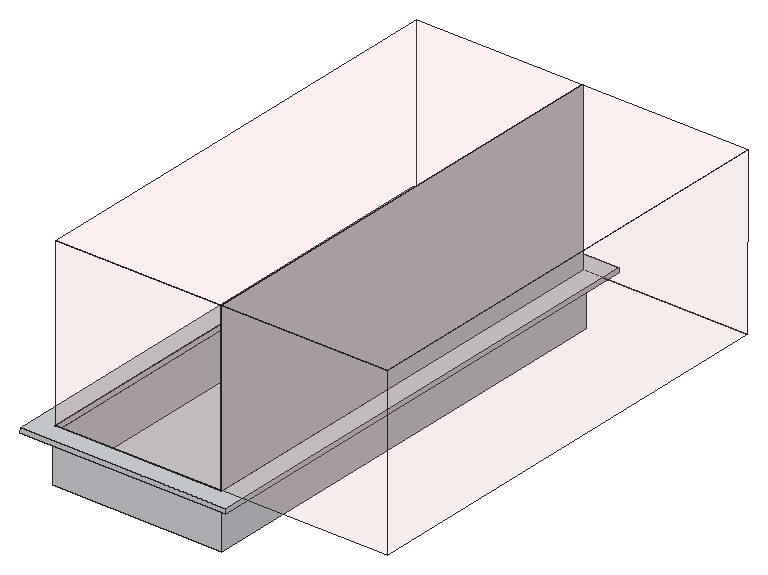
Revit family "Hager-VOLTA-Hollow_wall-IP30-With_Cover-Without_DIN-Hosted-SE-en", category Electrical Equipment, host Face, Revit 2023
Family settings
  Host = Face
  Panel Configuration = Two Columns, Circuits Across
  Round Connector Dimension = Use Diameter
  Part Type = Panelboard
  Cut with Voids When Loaded = No
  Maintain Annotation Orientation = Yes
  Shared = No
  Room Calculation Point = No
Parameters (values of type "VOLTA-Hollow_wall_W348_H880_D98_12_Modular_Spacing-VH60NW")
  Width Control [instance] = if([HG000006-Flush mounted], if([EF000846 - Built-in width] > min_whd, [EF000846 - Built-in width], min_whd), if([EF000008 - Width] > min_whd, ([EF000008 - Width]), min_whd))  # 314.5 mm
  Void Depth [instance] = if([HG000006-Flush mounted], Depth Control, 1 mm)  # 150 mm
  Uniformat code = "D501001"
  Uniformat = "Low Tension Service & Dist."
  HG000131 - Functional label [instance] = ""
  HG000130 - Functional name [instance] = ""
  HG000099-Onfly Template ID = "507532"
  Type Comments = ""
  System Height [instance] = Height Control - 2 * [HG000005-Thickness]  # 446 mm
  Reference description = ""
  Reference = "VOLTA-Hollow_wall_W348_H880_D98_12_Modular_Spacing-VH60NW"
  Object type = ""
  Name hager = "ADD_Enclosures_EC000214"
  Name BIM&CO = "Electricity"
  Name = "VOLTA-Hollow_wall-IP30-With_Cover-Without_DIN-SE"
  Model = ""
  HGEF002950-Width in number of modular spacings = 12
  HGEF000266-Number of rows = 0
  HG000060-RAL-number = "9010"
  HG000059-Operating voltage [instance] = 230 V
  HG000017-Distance between poles = 18 mm
  HG000016-Door 3D visibility = yes
  HG000015-Clearance visibility = yes
  HG000014-Door on the right = yes
  HG000013-Door on the left = not([HG000014-Door on the right])  # no
  HG000012-Door swing angle = 90.00°
  HG000011-Empty rows from bottom = no
  HG000010-Asymmetric doors = no
  HG000009-Double swing door = no
  HG000008-Number of empty rows = 0
  HG000007-Number of empty columns = 0
  HG000006-Flush mounted = yes
  HG000005-Thickness = 2 mm
  HG000004-Manufacturer reference = "VH60NW"
  HG000003-Range = "VOLTA"
  HG000002-With door or cover = yes
  HG000001-Number of columns = 0
  GTIN (Global Trade Item Number) = ""
  ETIM class name = "Small distribution board"
  ETIM class code = "EC000214"
  EF015941 - Signal passing door = no
  EF015777 - Neutral terminal block = no
  EF015776 - Earthing terminal block = no
  EF009212 - Cover model = "With notch"
  EF006306 - With lock = no
  EF006244 - Transparent cover/door = no
  EF005474 - Degree of protection (IP) = "IP30"
  EF004464 - Type of door = ""
  EF004462 - Type of closure = "Other"
  EF002950 - Width in number of modular spacings = 12
  EF001596 - Housing material = ""
  EF001134 - DIN-rail = no
  EF001131 - Inner depth = 0 mm
  EF001088 - Extension possible = yes
  EF001062 - EMC-version = no
  EF000846 - Built-in width = 314.5 mm
  EF000339 - Type of covering = ""
  EF000332 - Built-in height = 845 mm
  EF000266 - Number of rows = 0
  EF000218 - Built-in depth = 89 mm
  EF000118 - With mounting plate = yes
  EF000116 - RAL-number = 9010
  EF000049 - Depth = 98 mm
  EF000040 - Height = 880 mm
  EF000024 - UV resistant = no
  EF000008 - Width = 348 mm
  EF000007 - Colour = "White"
  EF000003 - Mounting method = "Hollow wall"
  Creation Date = "12/15/2025 21:48:43"
  Code hager = "ADD-EC000214_EU"
  BIM&CO code = ""
  BC_VARIANT_ID = "1174444"
  BC_OBJECT_VERSION = "#1"  # constant formula
  BC_OBJECT_ID = "513510"  # constant formula
  BC_MODEL_ID = "1547281"  # constant formula
  Arrow Offset [instance] = Depth Control / 8  # 18.75 mm
  Arrow Height [instance] = Depth Control - Arrow Offset  # 131.25 mm
  Host Offset [instance] = if([HG000006-Flush mounted], 0 mm, [EF000049 - Depth])  # 0 mm
  min_whd [instance] = (2 * [HG000005-Thickness]) + 1 mm  # 5 mm
  Manufacturer = "Hager"  # constant formula
  Height Control [instance] = if([HG000006-Flush mounted], if([EF000332 - Built-in height] > min_whd, [EF000332 - Built-in height], min_whd), if([EF000040 - Height] > min_whd, ([EF000040 - Height]), min_whd))  # 845 mm
  Flush Mounted - Door Frame Width [instance] = if(([EF000040 - Height] - [EF000332 - Built-in height]) > 0 mm, if([HG000006-Flush mounted], [EF000040 - Height] - [EF000332 - Built-in height], 0 mm), 0 mm)  # 35 mm
  Depth Control [instance] = if([HG000006-Flush mounted], if([EF000218 - Built-in depth] > 0 mm, [EF000218 - Built-in depth], 1 mm), if([EF000049 - Depth] > 0 mm, ([EF000049 - Depth]), 1 mm))  # 89 mm
  Default Elevation = 0 mm
Types (6, lengths in mm): name | Reference | HG000004-Manufacturer reference | EF015941 - Signal passing door | EF000332 - Built-in height | EF000040 - Height | BC_VARIANT_ID | Height Control
  VOLTA-Hollow_wall_W348_H630_D98_12_Modular_Spacing-VH36NW | "VOLTA-Hollow_wall_W348_H630_D98_12_Modular_Spacing-VH36NW" | "VH36NW" | no | 595 | 630 | "1174439" | 595
  VOLTA-Hollow_wall_W348_H630_D98_12_Modular_Spacing-VH36WWH | "VOLTA-Hollow_wall_W348_H630_D98_12_Modular_Spacing-VH36WWH" | "VH36WWH" | yes | 595 | 630 | "1174440" | 595
  VOLTA-Hollow_wall_W348_H755_D98_12_Modular_Spacing-VH48NW | "VOLTA-Hollow_wall_W348_H755_D98_12_Modular_Spacing-VH48NW" | "VH48NW" | no | 720 | 755 | "1174441" | 720
  VOLTA-Hollow_wall_W348_H755_D98_12_Modular_Spacing-VH48WWH | "VOLTA-Hollow_wall_W348_H755_D98_12_Modular_Spacing-VH48WWH" | "VH48WWH" | yes | 720 | 755 | "1174442" | 720
  VOLTA-Hollow_wall_W348_H880_D98_12_Modular_Spacing-VH60NW | "VOLTA-Hollow_wall_W348_H880_D98_12_Modular_Spacing-VH60NW" | "VH60NW" | no | 845 | 880 | "1174444" | 845
  VOLTA-Hollow_wall_W348_H880_D98_12_Modular_Spacing-VH60WWH | "VOLTA-Hollow_wall_W348_H880_D98_12_Modular_Spacing-VH60WWH" | "VH60WWH" | yes | 845 | 880 | "1174445" | 845
Reference planes
  plane 1 "Center (Front/Back)": y = 0
  plane 2: z = 0
  plane 3 "Center (Left/Right)": x = 0
  plane 4: z = 0
  plane 5: y = 37
  plane 6: z = -5
  plane 7: y = 457.5
  plane 8: y = 35
  plane 9: y = 880
  plane 10: z = -89
  plane 11: x = -157.25
  plane 12: x = 157.25
  plane 13: x = 155.25
  plane 14: x = -155.25
  plane 15: y = 878
  plane 16: z = -87
  plane 17: z = -2
  plane 18: z = -150
  plane 19: z = -2
  plane 20 "Annotation H": y = -100
  plane 21 "Annotation V": x = 457.25
Forms (mm)
  Extrusion 1, solid
    sketch origin (-583.045, 35, 1219.2) x (-1, 0, 0) y (0, 0, 1)
      loop
        line (-425.795, -1219.2) -> (-740.295, -1219.2) -> (-740.295, -1308.2) -> (-425.795, -1308.2) -> (-425.795, -1219.2)
    from 0 to 845 <- "Height Control"
  Extrusion 2, void
    sketch origin (-381.607, -4572, 0) x (0, -1, 0) y (-1, 0, 0)
      loop
        line (-5450, -226.357) -> (-5450, -536.857) -> (-4609, -536.857) -> (-4609, -226.357) -> (-5450, -226.357)
    from 0 to 87
  Extrusion 3, void
    sketch origin (0, 0, 0) x (1, 0, 0) y (0, 1, 0)
      loop
        line (-157.25, 35) -> (157.25, 35) -> (157.25, 880) -> (-157.25, 880) -> (-157.25, 35)
    from -150 to 1
  Extrusion 4, solid, detail levels coarse+medium
    sketch origin (-381.607, -4572, 0) x (-1, 0, 0) y (0, -1, 0)
      loop
        line (-226.357, -5450) -> (-226.357, -4609) -> (-536.857, -4609) -> (-536.857, -5450) -> (-226.357, -5450)
    from 0 to -2
Cuts and joins
  Extrusion 2 cuts Extrusion 1
Dimensions and locks
  plane 4 to plane 6 = 5 mm
  "Host Offset": plane 4 to host face
  "Flush Mounted - Door Frame Width": plane 1 "Center (Front/Back)" to plane 8
  "HG000005-Thickness": plane 5 to plane 8
  locked: connector elem to plane 3 "Center (Left/Right)"
  "Height Control": plane 9 to plane 8
  equal spacing: plane 9, plane 7, plane 8
  locked: connector elem to plane 7
  "Depth Control": plane 4 to plane 10
  "HG000005-Thickness": plane 11 to plane 14
  "HG000005-Thickness": plane 12 to plane 13
  equal spacing: plane 11, plane 3 "Center (Left/Right)", plane 12
  "Width Control": plane 11 to plane 12
  "Arrow Offset": nested 4 to plane 10
  "HG000005-Thickness": plane 9 to plane 15
  "HG000005-Thickness": plane 16 to plane 10
  "HG000005-Thickness": plane 4 to plane 17
  "Void Depth": plane 2 to plane 18
  "HG000005-Thickness": plane 4 to plane 19
  locked: plane 20 "Annotation H" to plane 1 "Center (Front/Back)" at 100
  locked: plane 12 to plane 21 "Annotation V" at 300
  aligned and locked: plane 2 to host face
  aligned and locked: level to host face
  aligned and locked: plane 3 "Center (Left/Right)" to nested 2
  aligned and locked: plane 4 to nested 2
  aligned and locked: nested 2 to plane 8
  aligned and locked: nested 1 to plane 6
  aligned and locked: plane 5 to nested 1
  aligned and locked: nested 4 to plane 11
  aligned and locked: nested 3 to plane 4
  aligned and locked: Extrusion 1 sketch curve to plane 12
  aligned and locked: Extrusion 1 sketch curve to plane 11
  aligned and locked: nested 3 to plane 10
  aligned and locked: plane 10 to Extrusion 1 sketch curve
  aligned and locked: plane 5 to Extrusion 2 sketch curve
  aligned and locked: Extrusion 2 sketch curve to plane 15
  aligned and locked: Extrusion 2 sketch curve to plane 14
  aligned and locked: Extrusion 2 sketch curve to plane 13
  aligned and locked: plane 11 to Extrusion 3 sketch curve
  aligned and locked: plane 9 to Extrusion 3 sketch curve
  aligned and locked: Extrusion 3 sketch curve to plane 8
  aligned and locked: plane 12 to Extrusion 3 sketch curve
  aligned and locked: nested 3 to plane 12
  aligned and locked: Extrusion 3 to plane 18
  aligned and locked: Extrusion 2 to plane 16
  aligned and locked: Extrusion 1 sketch curve to plane 4
  aligned and locked: Extrusion 4 to plane 17
  aligned and locked: Extrusion 4 sketch curve to plane 15
  aligned and locked: Extrusion 4 sketch curve to plane 13
  aligned and locked: Extrusion 4 sketch curve to plane 14
  aligned and locked: plane 5 to Extrusion 4 sketch curve
  aligned and locked: nested 5 to plane 21 "Annotation V"
  aligned and locked: plane 20 "Annotation H" to nested 5
Automatic sketch dimensions
  host sketch curve to host sketch curve = 1469.727 mm
  host sketch curve to host sketch curve = 1434.803 mm
Nested families
  nested 1: "Hager_Enclosure_System" at (0, 37, -5) x (1, 0, 0) z (0, 1, 0), Depth <- "HG000005-Thickness", Height <- "System Height", Border <- "HG000005-Thickness", Flush_Mounted <- "HG000006-Flush mounted", Row_Module_Multiplicator <- "HGEF002950-Width in number of modular spacings", Total_No_Empty_Rows <- "HG000008-Number of empty rows", Total_No_Rows <- "HGEF000266-Number of rows", Empty_Columns <- "HG000007-Number of empty columns", Width_Control <- "Width Control", Empty_Rows_From_Bottom <- "HG000011-Empty rows from bottom", Distance_Between_Poles <- "HG000017-Distance between poles", Rows_Count <- "HGEF000266-Number of rows", Columns_Count <- "HG000001-Number of columns", Built-in_Width <- "EF000846 - Built-in width", Width <- "EF000008 - Width", type "Hager_Enclosure_System", detail levels fine
    with Width_Control 314.5 mm, Width 348 mm, Total_No_Rows 0, Total_No_Empty_Rows 0, Total_No_Columns 1, System_Width 310.5 mm, Rows_Count 0, Rows_Column 0, Row_Module_Multiplicator 12, Panel_4 no, Panel_3 no, Panel_2 no, Panel_1 no, No_Panels_Ctrl 1, Hide_Columns yes, Height 446 mm, Flush_Mounted yes, Empty_Rows_From_Bottom no, Empty_Rows_Column 0, Empty_Columns 0, Empty column 4 0, Empty column 3 0, Empty column 2 0, Empty column 1 0, Distance_Between_Poles 18 mm, Depth 2 mm, Columns_Count 0, Column_Width 310.5 mm, Built-in_Width 314.5 mm, Border 2 mm
  nested 2: "Hager_Enclosure_Door" at (0, 35, 0) x (1, 0, 0) z (0, 1, 0), Border <- "HG000005-Thickness", Door_Right <- "HG000014-Door on the right", Flush_Mounted <- "HG000006-Flush mounted", Door_Left <- "HG000013-Door on the left", 3d_Door <- "HG000016-Door 3D visibility", Angle <- "HG000012-Door swing angle", Assymetrical <- "HG000010-Asymmetric doors", Double <- "HG000009-Double swing door", Clearance <- "HG000015-Clearance visibility", Door <- "HG000002-With door or cover", Height_Ctrl <- "Height Control", Width_Ctrl <- "Width Control", BuiltIn_Depth <- "EF000218 - Built-in depth", Depth <- "EF000049 - Depth", BuiltIn_Width <- "EF000846 - Built-in width", Height <- "EF000040 - Height", BuiltIn_Height <- "EF000332 - Built-in height", Width <- "EF000008 - Width", Transparent <- "EF006244 - Transparent cover/door", type "Hager_Enclosure_Door", detail levels medium+fine
    with min_wh 5 mm, Width_Ctrl 314.5 mm, Width 348 mm, Transparent_Door_No_Bottom_Border no, Transparent no, Leaf_Width 307.5 mm, Leaf_Tolerance 1.5 mm, Leaf_Height 838 mm, Leaf_2_Width 307.5 mm, Leaf_2_Offset 153.75 mm, Leaf_1_Width 307.5 mm, Leaf_1_Offset 153.75 mm, Height_Ctrl 845 mm, Height 880 mm, Frame_Width_Ctrl 33.5 mm, Frame_Width 33.5 mm, Frame_Internal_Offset 2 mm, Frame_Height_Ctrl 35 mm, Frame_Height 35 mm, Frame_Depth_Ctrl 9 mm, Frame_Depth 9 mm, Flush_Mounted yes, Double_Clearance_Ctrl no, Double no, Door_Right_Ctrl yes, Door_Right yes, Door_Left_Ctrl no, Door_Left no, Door yes, Depth 98 mm, Clearance_Depth 307.5 mm, Clearance_Ctrl yes, Clearance yes, BuiltIn_Width 314.5 mm, BuiltIn_Height 845 mm, BuiltIn_Depth 89 mm, Border 2 mm, Assymetrical no, Angle 90.00°, 3d_Door yes
  nested 3: "Hager_Enclosure_Symbol_Triangle" at (-157.25, 0, -89) x (1, 0, 0) z (0, -1, 0), Depth <- "Depth Control", Width <- "Width Control", type "Hager_Enclosure_Symbol_Triangle"
    with Width_Ctrl 314.5 mm, Width 314.5 mm, Depth_Ctrl 89 mm, Depth 89 mm
  nested 4: "Hager_Enclosure_Symbol_Arrow" at (-157.25, 0, -70.25) x (1, 0, 0) z (0, -1, 0), Height <- "Arrow Height", type "Hager_Enclosure_Symbol_Arrow"
    with Width_Inside 9.844 mm, Width 118.125 mm, Height_Ctrl 131.25 mm, Height 131.25 mm
  nested 5: "Hager_Annotation-HG000130" at (457.25, -100, 0) x (-1, 0, 0) z (0, 0, 1), HG000130 - Functional name <- "HG000130 - Functional name", type "Hager_Annotation-HG000130"
    with HG000130 - Functional name ""
Connectors
  electrical at (0, 457.5, -89)
    settings: on plane 10, index 1, voltage 0 V, apparent load 0 VA, apparent load phase1 0 VA, apparent load phase2 0 VA, apparent load phase3 0 VA, power factor 1, load classification "Other", number of poles 1, system type 30, power factor state 1, is connector primary yes, connector utility no, sub classification motor no, connector description ""
Definition of nested family "Hager_Enclosure_Door"
  Parameters (values of type "Hager_Enclosure_Door")
    min_wh [instance] = (2 * Border) + 1 mm  # 11 mm
    Width_Ctrl [instance] = 400 mm
    Width [instance] = 500 mm
    Transparent_Door_No_Bottom_Border [instance] = no
    Transparent [instance] = yes
    Leaf_Width [instance] = if((Width_Ctrl - 2 * Border - 2 * Leaf_Tolerance) > 0 mm, (Width_Ctrl - 2 * Border - 2 * Leaf_Tolerance), min_wh)  # 387 mm
    Leaf_Tolerance [instance] = 1.5 mm  # constant formula
    Leaf_Height [instance] = if((Height_Ctrl - 2 * Border - 2 * Leaf_Tolerance) > 0 mm, (Height_Ctrl - 2 * Border - 2 * Leaf_Tolerance), min_wh)  # 387 mm
    Leaf_2_Width [instance] = if(and(and(Double, Assymetrical), Door_Left), (Leaf_Width / 3) - (Leaf_Tolerance / 2), if(and(and(Double, Assymetrical), Door_Right), (Leaf_Width / 3) * 2 - (Leaf_Tolerance / 2), if(and(Double, not(Assymetrical)), (Leaf_Width / 2) - Leaf_Tolerance, Leaf_Width)))  # 387 mm
    Leaf_2_Offset [instance] = if(and(Double, Assymetrical), Leaf_2_Width / 2, if(and(Double, not(Assymetrical)), Leaf_Width / 4, Leaf_Width / 2))  # 193.5 mm
    Leaf_1_Width [instance] = if(and(and(Double, Assymetrical), Door_Right), (Leaf_Width / 3) - (Leaf_Tolerance / 2), if(and(and(Double, Assymetrical), Door_Left), (Width / 3) * 2 - (Leaf_Tolerance / 2), if(and(Double, not(Assymetrical)), (Leaf_Width / 2) - Leaf_Tolerance, Leaf_Width)))  # 387 mm
    Leaf_1_Offset [instance] = if(and(Double, Assymetrical), Leaf_1_Width / 2, if(and(Double, not(Assymetrical)), Leaf_Width / 4, Leaf_Width / 2))  # 193.5 mm
    Height_Ctrl [instance] = 400 mm
    Height [instance] = 500 mm
    Frame_Width_Ctrl [instance] = if(Frame_Width > 0 mm, Frame_Width, 1 mm)  # 1 mm
    Frame_Width [instance] = Width - BuiltIn_Width  # 0 mm
    Frame_Internal_Offset [instance] = if(Flush_Mounted, Border, 0 mm)  # 5 mm
    Frame_Height_Ctrl [instance] = if(Frame_Height > 0 mm, Frame_Height, 1 mm)  # 1 mm
    Frame_Height [instance] = Height - BuiltIn_Height  # 0 mm
    Frame_Depth_Ctrl [instance] = if(Frame_Depth > 0 mm, Frame_Depth, 1 mm)  # 1 mm
    Frame_Depth [instance] = if(Depth - BuiltIn_Depth > 0 mm, if(Flush_Mounted, Depth - BuiltIn_Depth, 0 mm), 0 mm)  # 0 mm
    Flush_Mounted [instance] = yes
    Double_Clearance_Ctrl [instance] = and(Double, Clearance)  # no
    Double [instance] = no
    Door_Right_Ctrl [instance] = and(or(Door_Right, Double), Door)  # yes
    Door_Right [instance] = yes
    Door_Left_Ctrl [instance] = and(or(Door_Left, Double), Door)  # no
    Door_Left [instance] = no
    Door [instance] = yes
    Depth [instance] = 500 mm
    Default Elevation = 1219.2 mm
    Clearance_Material = none
    Clearance_Depth [instance] = if(Leaf_1_Width > Leaf_2_Width, Leaf_1_Width, Leaf_2_Width)  # 387 mm
    Clearance_Ctrl [instance] = and(not(Double), Clearance)  # yes
    Clearance [instance] = yes
    BuiltIn_Width [instance] = 500 mm
    BuiltIn_Height [instance] = 500 mm
    BuiltIn_Depth [instance] = 500 mm
    Border [instance] = 5 mm
    Assymetrical [instance] = yes
    Angle [instance] = 30.00°
    3d_Door [instance] = yes
  Reference planes
    plane 1 "Center (Front/Back)": y = 0
    plane 2 "Bottom": z = 0
    plane 3 "Center (Left/Right)": x = 0
    plane 4: z = 400
    plane 5: x = -200
    plane 6: x = 200
    plane 7: z = 395
    plane 8: x = -195
    plane 9: z = 5
    plane 10: x = 195
    plane 11: y = 0
    plane 12: z = 6.5
    plane 13: x = -582
    plane 14: y = -387
    plane 15: x = 582
    plane 16: x = 0
    plane 17: x = 0
    plane 18: x = -193.5
    plane 19: x = 193.5
    plane 20: z = 393.5
  Forms (mm)
    Extrusion 1, solid, visible <- "Flush_Mounted"
      sketch origin (0, 0, 0) x (1, 0, 0) y (0, 0, 1)
        loop
          line (195, 5) -> (195, 395) -> (-195, 395) -> (-195, 5) -> (195, 5)
        loop
          line (-201, 401) -> (-201, -1) -> (201, -1) -> (201, 401) -> (-201, 401)
      from 0 to 1 <- "Frame_Depth_Ctrl"
    Extrusion 2, solid, material <- "Clearance_Material", visible <- "Double_Clearance_Ctrl"
      sketch origin (1200, 0, 0) x (1, 0, 0) y (0, 0, -1)
        loop
          line (-1782, -393.5) -> (-618, -393.5) -> (-618, 0) -> (-1782, 0) -> (-1782, -393.5)
      from 0 to -387
  Dimensions and locks
    equal spacing: plane 5, plane 3 "Center (Left/Right)", plane 6
    "Width_Ctrl": plane 5 to plane 6
    "Border": plane 5 to plane 8
    "Border": plane 6 to plane 10
    "Border": plane 9 to level
    "Border": plane 4 to plane 7
    "Height_Ctrl": plane 4 to level
    "Leaf_Tolerance": plane 12 to plane 9
    "Frame_Depth": plane 11 to plane 1 "Center (Front/Back)"
    "Frame_Width_Ctrl": plane 5 to Extrusion 1 sketch curve
    "Frame_Width_Ctrl": plane 6 to Extrusion 1 sketch curve
    "Frame_Width_Ctrl": Extrusion 1 sketch curve to plane 4
    "Frame_Width_Ctrl": plane 2 "Bottom" to Extrusion 1 sketch curve
    "Leaf_1_Offset": plane 18 to plane 16
    "Leaf_2_Offset": plane 17 to plane 19
    "Leaf_1_Width": plane 13 to plane 8
    "Leaf_2_Width": plane 10 to plane 15
    "Clearance_Depth": plane 14 to plane 1 "Center (Front/Back)"
    "Leaf_Tolerance": plane 8 to plane 18
    "Leaf_Tolerance": plane 19 to plane 10
    "Leaf_Tolerance": plane 7 to plane 20
    "Frame_Internal_Offset": plane 5 to Extrusion 1 sketch curve
    "Frame_Internal_Offset": Extrusion 1 sketch curve to plane 2 "Bottom"
    "Frame_Internal_Offset": plane 6 to Extrusion 1 sketch curve
    "Frame_Internal_Offset": plane 4 to Extrusion 1 sketch curve
    aligned and locked: level to plane 2 "Bottom"
    aligned and locked: nested 1 to plane 16
    aligned and locked: nested 2 to plane 17
    aligned and locked: Extrusion 2 to plane 13
    aligned and locked: plane 15 to Extrusion 2
    aligned and locked: Extrusion 2 to plane 14
    aligned and locked: plane 12 to nested 1
    aligned and locked: nested 2 to plane 12
    aligned and locked: Extrusion 2 to plane 11
    aligned and locked: plane 20 to Extrusion 2
    aligned and locked: nested 2 to plane 11
    aligned and locked: nested 1 to plane 11
  Automatic sketch dimensions
    Extrusion 2 sketch curve to level = 0 mm
    plane 5 to Extrusion 2 sketch curve = 382 mm
    plane 6 to Extrusion 2 sketch curve = 382 mm
    Extrusion 2 sketch curve to plane 4 = 6.5 mm
  Nested families
    nested 1: "Hager_Enclosure_Door_Leaf" at (0, 0, 6.5), Width <- "Leaf_1_Width", visible <- "Door_Left_Ctrl", Leaf_Height <- "Leaf_Height", Angle <- "Angle", Depth <- "Border", 3d_Door <- "3d_Door", Transparent <- "Transparent", Clearance Material <- "Clearance_Material", Clearance <- "Clearance_Ctrl", Transparent_Door_No_Bottom_Border <- "Transparent_Door_No_Bottom_Border", type "Hager_Enclosure_Door_Leaf"
      with Width 387 mm, Transparent_Door_No_Bottom_Border no, Transparent_Door_Border_Bottom_Top 25 mm, Transparent_Door_Border 25 mm, Transparent_Ctrl yes, Transparent yes, Standard no, Leaf_Height 387 mm, Glass_Offset 1 mm, Depth 5 mm, Clearance Material none, Clearance yes, Angle_Ctrl 30.00°, Angle 30.00°, 3d_Door yes
    nested 2: "Hager_Enclosure_Door_Leaf" at (0, 0, 6.5) x (-1, 0, 0) z (0, 0, 1), Width <- "Leaf_2_Width", visible <- "Door_Right_Ctrl", Leaf_Height <- "Leaf_Height", Angle <- "Angle", Depth <- "Border", 3d_Door <- "3d_Door", Transparent <- "Transparent", Clearance Material <- "Clearance_Material", Clearance <- "Clearance_Ctrl", Transparent_Door_No_Bottom_Border <- "Transparent_Door_No_Bottom_Border", type "Hager_Enclosure_Door_Leaf"
      with Width 387 mm, Transparent_Door_No_Bottom_Border no, Transparent_Door_Border_Bottom_Top 25 mm, Transparent_Door_Border 25 mm, Transparent_Ctrl yes, Transparent yes, Standard no, Leaf_Height 387 mm, Glass_Offset 1 mm, Depth 5 mm, Clearance Material none, Clearance yes, Angle_Ctrl 30.00°, Angle 30.00°, 3d_Door yes
  Definition of nested family "Hager_Enclosure_Door_Leaf"
    Parameters (values of type "Hager_Enclosure_Door_Leaf")
      Width [instance] = 2000 mm
      Transparent_Door_No_Bottom_Border [instance] = yes
      Transparent_Door_Border_Bottom_Top [instance] = if(Transparent_Door_No_Bottom_Border, 0.1 mm, Transparent_Door_Border)  # 0.1 mm
      Transparent_Door_Border [instance] = if(Transparent_Door_No_Bottom_Border, (Width * 0.12), 25 mm)  # 240 mm
      Transparent_Ctrl [instance] = and(Transparent, [3d_Door])  # yes
      Transparent [instance] = yes
      Standard [instance] = and(not(Transparent), [3d_Door])  # no
      Leaf_Height [instance] = 2720.336 mm
      Glass_Offset [instance] = if((Depth - 10 mm) / 2 > 0 mm, (Depth - 10 mm) / 2, 1 mm)  # 15 mm
      Glass_Material = none
      Depth [instance] = 40 mm
      Default Elevation = 0 mm
      Clearance Material [instance] = none
      Clearance [instance] = yes
      Angle_Ctrl [instance] = if(Angle > 170.00°, 170.00°, Angle)  # 45.00°
      Angle [instance] = 45.00°
      3d_Door [instance] = yes
    Reference planes
      plane 1 "Center (Front/Back)": y = 0
      plane 2: z = 0
      plane 3 "Center (Left/Right)": x = 0
      plane 4: y = 2000
      plane 5: x = -1000
      plane 6: x = 1000
      plane 7: x = -3000
      plane 8: z = 2720.336
      plane 9: z = 0.1
      plane 10: z = 2720.236
      plane 11: x = 760
      plane 12: x = -760
    Forms (mm)
      Extrusion 1, solid, material <- "Clearance Material", visible <- "Clearance"
        sketch origin (0, 0, 0) x (1, 0, 0) y (0, 0, 1)
          loop
            line (-3000, 2720.336) -> (-3000, 0) -> (1000, 0) -> (1000, 2720.336) -> (-3000, 2720.336)
        from 0 to -2000
      Extrusion 2, solid, visible <- "Standard", detail levels medium+fine
        sketch origin (-1000, 0, 0) x (0.707107, 0.707107, 0) y (-0.707107, 0.707107, 0)
          loop
            line (0, -40) -> (2000, -40) -> (2000, 0) -> (0, 0) -> (0, -40)
        from 0 to 2720.336 <- "Leaf_Height"
      Extrusion 3, solid, visible <- "Transparent_Ctrl", detail levels medium+fine
        sketch origin (-1000, 0, 0) x (0.707107, 0.707107, 0) y (-0.707107, 0.707107, 0)
          loop
            line (0, -40) -> (2000, -40) -> (2000, 0) -> (0, 0) -> (0, -40)
        from 0 to 2720.336 <- "Leaf_Height"
      Extrusion 4, void, detail levels medium+fine
        sketch origin (-1000, 0, 0) x (-0.707107, 0.707107, 0) y (0.707107, 0.707107, 0)
          loop
            line (0, 240) -> (0, 1760) -> (-40, 1760) -> (-40, 240) -> (0, 240)
        from -2720.236 to -0.1
      Extrusion 5, solid, material <- "Glass_Material", visible <- "Transparent_Ctrl", detail levels medium+fine
        sketch origin (-1000, 0, 0) x (0.707107, 0.707107, 0) y (-0.707107, 0.707107, 0)
          loop
            line (240, -15) -> (240, -25) -> (1760, -25) -> (1760, -15) -> (240, -15)
        from 0.1 to 2720.236
    Cuts and joins
      Extrusion 4 cuts Extrusion 3
    Lines and regions (mm)
      symbolic lines
        curve 1: line (1000, 0, 0) -> (-3000, 0, 0)
        curve 2: arc (1000, 0, 0) -> (-1000, 2000, 0) -> (-3000, 0, 0) r 2000
        curve 4: line (-1000, 0, 0) -> (414.214, 1414.214, 0)
      reference lines
        curve 3: line (-1000, 0, 0) -> (414.214, 1414.214, 0)
      symbolic lines, detail levels medium+fine
        curve 5: line (414.214, 1414.214, 0) -> (442.498, 1385.929, 0)
        curve 6: line (442.498, 1385.929, 0) -> (-971.716, -28.284, 0)
        curve 7: line (-971.716, -28.284, 0) -> (-1000, 0, 0)
        curve 8: line (-1000, 0, 2720.336) -> (1000, 0, 2720.336)
        curve 9: line (-1000, 0, 0) -> (-1000, 0, 2720.336)
        curve 10: line (1000, 0, 0) -> (-1000, 0, 0)
        curve 11: line (1000, 0, 2720.336) -> (1000, 0, 0)
      symbolic lines, visible <- "Transparent_Ctrl", detail levels medium+fine
        curve 12: line (-760, 0, 2720.236) -> (760, 0, 2720.236)
        curve 13: line (-760, 0, 0.1) -> (-760, 0, 2720.236)
        curve 14: line (760, 0, 0.1) -> (-760, 0, 0.1)
        curve 15: line (760, 0, 2720.236) -> (760, 0, 0.1)
    Dimensions and locks
      "Width": plane 1 "Center (Front/Back)" to plane 4
      equal spacing: plane 5, plane 3 "Center (Left/Right)", plane 6
      "Width": plane 5 to plane 6
      "Width": plane 7 to plane 5
      "Leaf_Height": plane 8 to level
      "Depth": curve 6 to curve 3
      "Width": curve 5 to curve 3
      "Width": curve 3 to curve 3
      "Transparent_Door_Border": Extrusion 4 sketch curve to curve 7
      "Transparent_Door_Border": Extrusion 4 sketch curve to curve 5
      "Transparent_Door_Border_Bottom_Top": plane 8 to plane 10
      "Transparent_Door_Border_Bottom_Top": plane 9 to level
      "Glass_Offset": Extrusion 5 sketch curve to curve 4
      "Glass_Offset": Extrusion 5 sketch curve to curve 6
      "Transparent_Door_Border": Extrusion 5 sketch curve to curve 5
      "Transparent_Door_Border": Extrusion 5 sketch curve to curve 7
      "Transparent_Door_Border": plane 12 to plane 5
      "Transparent_Door_Border": plane 6 to plane 11
      "Angle_Ctrl": angle plane 1 "Center (Front/Back)" to curve 3
      aligned and locked: level to plane 2
      aligned and locked: Extrusion 1 to curve 1
      aligned and locked: plane 6 to Extrusion 1
      aligned and locked: Extrusion 1 to plane 1 "Center (Front/Back)"
      aligned and locked: plane 4 to Extrusion 1
      aligned and locked: plane 8 to Extrusion 1
      aligned and locked: curve 4 to curve 3
      aligned and locked: Extrusion 2 sketch curve to curve 7
      aligned and locked: Extrusion 2 sketch curve to curve 6
      aligned and locked: Extrusion 2 sketch curve to curve 5
      aligned and locked: Extrusion 2 sketch curve to curve 3
      aligned and locked: curve 7 to Extrusion 3 sketch curve
      aligned and locked: Extrusion 3 sketch curve to curve 4
      aligned and locked: Extrusion 3 sketch curve to curve 6
      aligned and locked: Extrusion 3 sketch curve to curve 5
      aligned and locked: curve 4 to Extrusion 4 sketch curve
      aligned and locked: curve 6 to Extrusion 4 sketch curve
      aligned and locked: Extrusion 4 to plane 9
      aligned and locked: Extrusion 4 to plane 10
      aligned and locked: Extrusion 5 to plane 9
      aligned and locked: Extrusion 5 to plane 10
      aligned and locked: curve 8 to plane 8
      aligned and locked: plane 5 to curve 9
      aligned and locked: plane 2 to curve 10
      aligned and locked: curve 11 to plane 6
      aligned and locked: plane 10 to curve 12
      aligned and locked: plane 12 to curve 13
      aligned and locked: curve 14 to plane 9
      aligned and locked: plane 11 to curve 15
    Automatic sketch dimensions
      plane 1 "Center (Front/Back)" to curve 2 = 0 mm
      curve 2 to plane 5 = 0 mm
      Extrusion 1 sketch curve to level = 0 mm
      Extrusion 1 sketch curve to plane 7 = 0 mm
      Extrusion 1 sketch curve to plane 6 = 0 mm
      Extrusion 1 sketch curve to plane 8 = 0 mm
      plane 1 "Center (Front/Back)" to curve 3 = 0 mm
      curve 3 to plane 5 = 0 mm
      curve 7 to curve 3 = 0 mm
Definition of nested family "Hager_Enclosure_Symbol_Triangle"
  Parameters (values of type "Hager_Enclosure_Symbol_Triangle")
    Width_Ctrl [instance] = if(Width > 1 mm, Width, 1 mm)  # 498 mm
    Width [instance] = 498 mm
    Depth_Ctrl [instance] = if(Depth > 1 mm, Depth, 1 mm)  # 72 mm
    Depth [instance] = 72 mm
  Reference planes
    plane 1 "Centre (avant/arrière)": y = 0
    plane 2: z = 0
    plane 3 "Centre (gauche/droite)": x = 0
  Lines and regions (mm)
    Filled region 1, type "Solid_Black", in view "Niveau de réf."
      outline origin (0, 0, 0) x (1, 0, 0) y (0, 1, 0)
        loop
          line (0, 0) -> (498, 0) -> (498, 72) -> (0, 0)
    reference lines, in view "Niveau de réf."
      curve 1: line (-206.153, 72, 0) -> (1083.258, 72, 0)
      curve 2: line (498, 405.456, 0) -> (498, -517.619, 0)
  Dimensions and locks
    "Depth_Ctrl": plane 1 "Centre (avant/arrière)" to curve 1
    "Width_Ctrl": plane 3 "Centre (gauche/droite)" to curve 2
    aligned and locked: curve 1 to Filled region 1 sketch curve
    aligned and locked: Filled region 1 sketch curve to plane 1 "Centre (avant/arrière)"
    aligned and locked: curve 2 to Filled region 1 sketch curve
    aligned and locked: plane 3 "Centre (gauche/droite)" to Filled region 1 sketch curve
    aligned and locked: plane 1 "Centre (avant/arrière)" to Filled region 1 sketch curve
  Automatic sketch dimensions
    curve 1 to plane 3 "Centre (gauche/droite)" = 206.153 mm
    curve 2 to curve 1 = 585.258 mm
    plane 1 "Centre (avant/arrière)" to curve 2 = 517.619 mm
    curve 2 to plane 1 "Centre (avant/arrière)" = 405.456 mm
Definition of nested family "Hager_Enclosure_Symbol_Arrow"
  Parameters (values of type "Hager_Enclosure_Symbol_Arrow")
    Width_Inside [instance] = if(Width / 12 > 2 mm, Width / 12, 2 mm)  # 4.987 mm
    Width [instance] = if(Height_Ctrl * 0.9 > 2 mm, Height_Ctrl * 0.9, 2 mm)  # 59.85 mm
    Height_Ctrl [instance] = if(Height > 2 mm, Height, 2 mm)  # 66.5 mm
    Height [instance] = 66.5 mm
  Reference planes
    plane 1 "Centre (avant/arrière)": y = 0
    plane 2: z = 0
    plane 3 "Centre (gauche/droite)": x = 0
    plane 4: x = 59.85
    plane 5: y = 28.263
    plane 6: y = 38.238
    plane 7: y = 66.5
    plane 8: x = 29.925
    plane 9: y = 33.25
  Lines and regions (mm)
    Filled region 1, type "Solid_Black", in view "Niveau de réf."
      outline origin (0, 0, 0) x (1, 0, 0) y (0, 1, 0)
        loop
          line (59.85, 66.5) -> (37.929, 52.827) -> (51.846, 41.935) -> (59.85, 66.5)
    detail lines, in view "Niveau de réf."
      curve 1: line (0, 0, 0) -> (29.925, 38.238, 0)
      curve 2: line (29.925, 38.238, 0) -> (29.925, 28.263, 0)
      curve 3: line (29.925, 28.263, 0) -> (59.85, 66.5, 0)
  Dimensions and locks
    "Width": plane 3 "Centre (gauche/droite)" to plane 4
    "Height_Ctrl": plane 7 to plane 1 "Centre (avant/arrière)"
    equal spacing: plane 3 "Centre (gauche/droite)", plane 8, plane 4
    equal spacing: plane 7, plane 9, plane 1 "Centre (avant/arrière)"
    equal spacing: plane 6, plane 9, plane 5
    "Width_Inside": plane 6 to plane 9
    equal spacing: curve 3, Filled region 1 sketch curve, Filled region 1 sketch curve
    angle Filled region 1 sketch curve to curve 3 = 20.00°
    angle curve 3 to Filled region 1 sketch curve = 20.00°
    locked: curve 3 to Filled region 1 sketch curve (angle 90.00°)
  Automatic sketch dimensions
    plane 1 "Centre (avant/arrière)" to curve 1 = 0 mm
    curve 1 to plane 3 "Centre (gauche/droite)" = 0 mm
    curve 2 to plane 6 = 0 mm
    curve 3 to plane 8 = 0 mm
    curve 3 to plane 4 = 0 mm
    curve 2 to plane 5 = 0 mm
    curve 3 to plane 7 = 0 mm
    Filled region 1 sketch curve to plane 4 = 0 mm
    Filled region 1 sketch curve to plane 7 = 0 mm
Definition of nested family "Hager_Annotation-HG000130"
  Parameters (values of type "Hager_Annotation-HG000130")
    HG000130 - Functional name [instance] = ""
  Reference planes
    plane 1: y = 0
    plane 2: x = 0
  Lines and regions (mm)
    detail lines
      curve 1: line (-27.5, 10, 0) -> (27.5, 10, 0)
      curve 2: line (-27.5, -10, 0) -> (-27.5, 10, 0)
      curve 3: line (27.5, -10, 0) -> (-27.5, -10, 0)
      curve 4: line (27.5, 10, 0) -> (27.5, -10, 0)
  Text (mm)
    label "HG000130 - Functional name" at (0.16, 0.026, 0), shows "HG000130 - Functional name"
